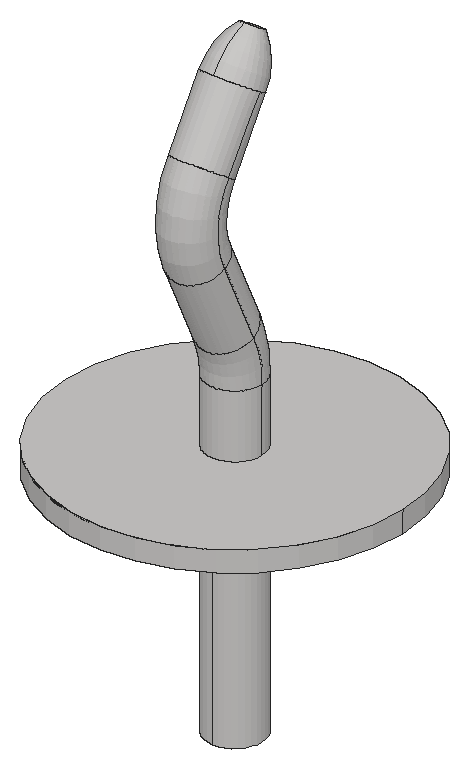
Revit family "PRD_FrankeWS_SnkMnlWtrSpplSts_SIRIUSSuspensionHook_ZSIRW002", category Specialty Equipment, host Face, Revit 2018
Family settings
  Host = Face
  Round Connector Dimension = Use Diameter
  Part Type = Normal
  OmniClass Number = 23.45.05.14.99
  OmniClass Title = Other Sanitary Washing Plumbing Fixtures
  Cut with Voids When Loaded = Yes
  Shared = Yes
  Room Calculation Point = No
Parameters (values of type "ZSIRW002")
  WarrantyStartDate [instance] = "1900-12-31T23:59:59"
  WarrantyGuarantorParts = "n/a"
  WarrantyGuarantorLabor = "n/a"
  WarrantyDurationUnit = "year"
  WarrantyDurationParts = "n/a"
  WarrantyDurationLabor = "n/a"
  WarrantyDescription = "n/a"
  Version = "1"
  Uniclass2015Version = "Products v1.23"
  Uniclass2015Title = "Sink manual water supply sets"
  Uniclass2015Code = "Pr_40_20_87_82"
  URL = "www.kwc.com"
  TagNumber [instance] = "n/a"
  SustainabilityPerformance = "n/a"
  Status = "New"
  Size = "n/a"
  Reference = "n/a"
  NominalLength = 0.00 mm
  HookMaterial = PRD_AR_StainlessSteel_SatinFinished
  Shape = "n/a"
  SerialNumber [instance] = "n/a"
  Revision = "n/a"
  ReplacementCost = "n/a"
  QuantityUom = "Piece"
  Quantity = "1"
  ProductInformation = "https://pim.kwc.com/product/2000101471/attachment/datasheet?locale=en"
  NominalWidth = 0.00 mm
  NominalHeight = 0.00 mm
  NominalDepth = 0.00 mm
  NetWeight = 0.15 kg
  Name = "SIRIUS Suspension hook ZSIRW002"
  NBSTypeID = "n/a"
  NBSReference = "45-35-70/345"
  NBSOfficeMasterTag = "n/a"
  NBSNote = "n/a"
  NBSDescription = "Water supply fittings for sinks"
  NBSCertification = "n/a"
  ModelReference = "ZSIRW002"
  ModelNumber = "2000101471"
  Model = ModelReference  # "ZSIRW002"
  Material = "stainless steel"
  ManufacturerURL = "www.kwc.com"
  ManufacturerName = "KWC Group AG"  # constant formula
  Manufacturer = ManufacturerName  # "KWC Group AG"
  IntegralAccessories = "n/a"
  InstallationDate [instance] = "1900-12-31T23:59:59"
  IfcExportType = "USERDEFINED"
  IfcExportAs = "IfcSanitaryTerminalType"
  GrossWeight = 0.16 kg
  Grade = "n/a"
  Finish = "satin finished"
  Features = "for hand brush"
  ExpectedLife = "n/a"
  DurationUnit = "year"
  Description = "Suspension hook for hand brush, made of stainless steel, surface satin finished, with thread M5 x 25."
  Default Elevation = 1100.00 mm
  CreatedOn = "05/2022"  # constant formula
  Constituents = "n/a"
  Color = "n/a"
  CodePerformance = "n/a"
  Category = "Pr_40_20_87_82, Sink manual water supply sets"
  BarCode [instance] = "n/a"
  BIMObjectName = "PRD_AR_SinkManualWaterSupplySets_SIRIUSSuspensionHook_ZSIRW002"
  Author = "Archispace"  # constant formula
  AssetType = "Fixed"
  AssetIdentifier [instance] = "n/a"
  AccessibilityPerformance = "n/a"
Reference planes
  plane 1 "Center (Front/Back)": y = 0
  plane 2: z = 0
  plane 3 "Center (Left/Right)": x = 0
Forms (mm)
  Revolve 1, void
    sketch origin (0, 0, 0) x (0, 1, 0) y (0, 0, 1)
      loop
        line (0, 0) -> (-2.5, 0) -> (-2.5, -21.5) -> (0, -21.5) -> (0, 0)
      axis (0, 0) -> (0, -21.5)
    angle from 0 to 360
  Revolve 2, solid, material "PRD_AR_StainlessSteel_SatinFinished"
    sketch origin (0, 0, 0) x (0, 1, 0) y (0, 0, 1)
      loop
        line (0, 0) -> (-2.5, 0) -> (-2.5, -21.5) -> (0, -21.5) -> (0, 0)
      axis (0, 0) -> (0, -21.5)
    angle from 0 to 360
  Sweep 3, solid, material "PRD_AR_StainlessSteel_SatinFinished" <- "HookMaterial", detail levels fine
    path origin (0, 0, 0) x (0, 1, 0) y (0, 0, 1)
      loop
        line (0, 1.893) -> (0, 7.652)
        arc (0, 7.652) -> (-0.242, 9.839) -> (-0.957, 11.92) r 10
        line (-0.957, 11.92) -> (-4.277, 18.955)
        arc (-4.277, 18.955) -> (-4.978, 22.648) -> (-3.8, 26.217) r 7.5
        line (-3.8, 26.217) -> (2, 35.223)
    profile origin (0, 0, 4.772) x (0, -1, 0) y (1, 0, 0)
      loop
        circle (0, 0) r 2.5
  Sweep 4, solid, material "PRD_AR_StainlessSteel_SatinFinished" <- "HookMaterial", detail levels fine
    path origin (0, 0, 0) x (0, 1, 0) y (0, 0, 1)
      loop
        line (0, 0) -> (0, 1.893)
    profile origin (0, 0, 0.946) x (0, -1, 0) y (1, 0, 0)
      loop
        circle (0, 0) r 15.3
  Revolve 5, void
    sketch origin (0, -43.75, 0) x (0, 1, 0) y (0, 0, 1)
      loop
        line (45.558, 30.308) -> (47.133, 29.294) -> (49.426, 32.855) -> (46.591, 34.681)
        arc (46.591, 34.681) -> (46.45, 32.406) -> (45.558, 30.308) r 6.731
      axis (43.456, 31.661) -> (45.75, 35.223)
    angle from 0 to 360
  Sweep 6, solid, material "PRD_AR_StainlessSteel_SatinFinished" <- "HookMaterial", detail levels coarse+medium
    path origin (0, 0, 0) x (0, 1, 0) y (0, 0, 1)
      loop
        line (0, 0) -> (0, 37)
    profile origin (0, 0, 18.5) x (0, -1, 0) y (1, 0, 0)
      loop
        circle (0, 0) r 15.3
Cuts and joins
  Revolve 5 cuts Sweep 3
Dimensions and locks
  aligned and locked: plane 2 to host face
  aligned and locked: level to host face
